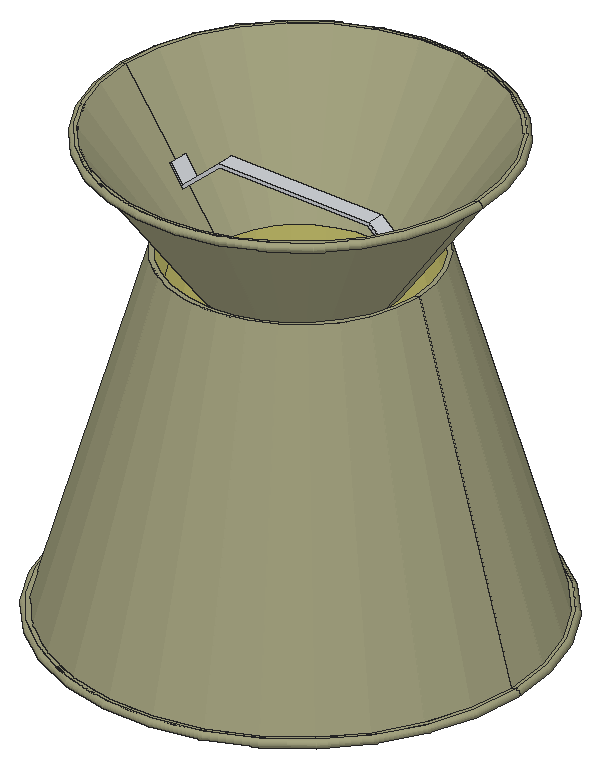
Revit family "UDC14 SHADE", category Lighting Fixtures, Revit 2024
Family settings
  Round Connector Dimension = Use Diameter
  Part Type = Normal
  OmniClass Number = 23.80.70.00
  OmniClass Title = Lighting
  Work Plane-Based = No
  Always vertical = Yes
  Cut with Voids When Loaded = No
  Light Source = Yes
  Maintain Annotation Orientation = No
  Shared = No
  Room Calculation Point = No
Parameters
  Wattage = 12.1178 W
  built-in parameter 1150110 = 1 (stored number, unit not read)
  built-in parameter 1114217 = 1 (stored number, unit not read)
  built-in parameter 1150109 = 1 (stored number, unit not read)
  built-in parameter 1150134 = (empty or 0)
  built-in parameter 1150113 = 1 (stored number, unit not read)
  Lumens = 1800 lm
  built-in parameter 1150115 = 1 (stored number, unit not read)
  built-in parameter 1150105 = 572.96 (stored number, unit not read)
  Light Source Symbol Size = 2' - 0"
  built-in parameter 1150137 = (empty or 0)
  built-in parameter 1150139 = (empty or 0)
  built-in parameter 1150112 = 1 (stored number, unit not read)
  built-in parameter 1150114 = 1 (stored number, unit not read)
  built-in parameter 1150132 = 2
  built-in parameter 1150102 = (empty or 0)
  built-in parameter 1150138 = (empty or 0)
  built-in parameter 1150107 = 3000 (stored number, unit not read)
  built-in parameter 1150106 = 5.7296 (stored number, unit not read)
  built-in parameter 1150104 = 13.8 (stored number, unit not read)
  Dimming Lamp Color Temperature Shift = (empty or 0)
  Default Elevation = 0' - 0"
  Color Filter = 16777215
  built-in parameter 1114218 = 1 (stored number, unit not read)
  built-in parameter 1150133 = 10 (stored number, unit not read)
Reference planes (in)
  plane 1 "Light Source Axis (F/B)": y = 0
  plane 2: z = 0
  plane 3 "Light Source Axis (L/R)": x = 0
  plane 4 "Light Source Elevation": z = 83.93086
Forms (in)
  Revolve 1, solid
    sketch origin (0, 0, 0) x (1, 0, 0) y (0, 0, 1)
      loop
        line (-5.77719, 98.25) -> (-5.875, 98.25)
        arc (-5.875, 98.25) -> (-6, 98.125) -> (-5.875, 98) r 0.125
        line (-5.875, 98) -> (-5.75, 98) -> (-2.84895, 94.00914) -> (-2.69441, 94.00914) -> (-5.77719, 98.25)
      axis (0, 98.25) -> (0, 94.00914)
    angle from 0 to 360
  Revolve 2, solid
    sketch origin (0, 0, 0) x (1, 0, 0) y (0, 0, 1)
      loop
        line (-3.93878, 94.74561) -> (-7, 84.25) -> (-7.125, 84.25)
        arc (-7.125, 84.25) -> (-7.25, 84.125) -> (-7.125, 84) r 0.125
        line (-7.125, 84) -> (-6.94271, 84) -> (-3.80857, 94.74561) -> (-3.93878, 94.74561)
      axis (0, 94.74561) -> (0, 84)
    angle from 0 to 360
  Sweep 3, solid
    path origin (0, 0, 0) x (1, 0, 0) y (0, 0, 1)
      loop
        line (-4.0974, 96.01492) -> (-3.66721, 95.40055) -> (-2.44131, 96.46622) -> (2.44131, 96.46622) -> (3.66721, 95.40055) -> (4.0974, 96.01492)
    profile origin (-3.88231, 0, 95.70774) x (0.819152, 0, 0.573576) y (0, -1, 0)
      loop
        line (0, 0.2765) -> (0, -0.2765) -> (0.08755, -0.2765) -> (0.08755, 0) -> (0.08755, 0.2765) -> (0, 0.2765)
  Revolve 4, solid
    sketch origin (0, 0, 0) x (1, 0, 0) y (0, 0, 1)
      loop
        line (-2.65344, 86.41281) -> (-2.75, 86.41281)
        arc (-2.75, 86.41281) -> (-1.7493, 84.85548) -> (0, 84.25) r 2.82971
        line (0, 84.25) -> (0, 84.34375)
        arc (0, 84.34375) -> (-1.68239, 84.92215) -> (-2.65344, 86.41281) r 2.73596
      axis (0, 84.25) -> (0, 86.41281)
    angle from 0 to 360
Dimensions and locks (in)
  aligned and locked: plane 4 "Light Source Elevation" to imposter light
  aligned and locked: level to plane 2
